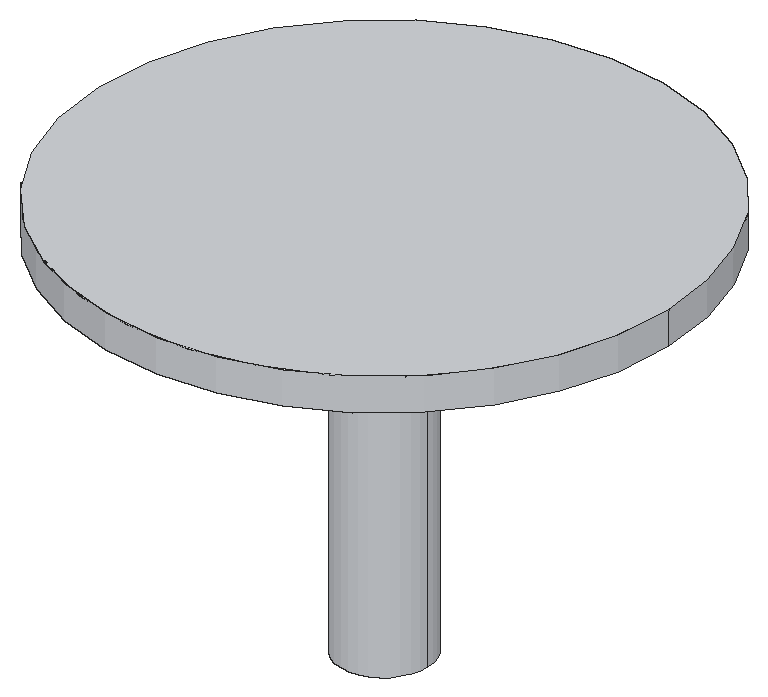
Revit family "c0168f52df9a4918b05c8a2c54d0b976", category Sprinklers, host Face, Revit 2021
Family settings
  Host = Face
  Maintain Annotation Orientation = Yes
  Round Connector Dimension = Use Radius
  Part Type = Normal
  OmniClass Number = 23.65.70.17.11.24
  OmniClass Title = Fire Fighting Sprinkler Heads
  Seek Item ID = Sprinkler - Pendent - Fully Recessed - Hosted-0000-USA-ENU
  Cut with Voids When Loaded = No
  Shared = No
  Room Calculation Point = No
Parameters (values of type "1/2" Pendent")
  Temperature Rating = 135 °F
  Symbol [instance] = Sprinkler - Symbol - Pendent : Sprinkler - Symbol - Pendent
  Response = Standard
  Pressure Drop [instance] = 7.00 psi
  Pressure Class = Standard
  Orifice Size = 1/2"
  Orifice = Standard
  K-Factor = 5.6
  Flow [instance] = 30 GPM
  Escutcheon Diameter = 3 1/4"
  Coverage = Standard
  Nominal Diameter = Nominal Radius * 2  # 1/2"
  Nominal Radius = 1/4"
  Escutcheon Radius = 0.5 * Escutcheon Diameter  # 1 5/8"
  Protrusion = 0"
  Overall Length = 2 3/8"
  Escutcheon Thickness = 3/16"
  Default Elevation = 8' - 0"
  CEL = 1/4"
  Assembly Code = ""
Types (8): name | Symbol | Pressure Drop | Orifice Size | K-Factor | Flow | Nominal Diameter | Nominal Radius | Overall Length | CEL
  1/2" Pendent | Sprinkler - Symbol - Pendent : Sprinkler - Symbol - Pendent | 7.00 psi | 1/2" | 5.6 | 30 GPM | 1/2" | 1/4" | 2 3/8" | 1/4"
  1/2" Pendent on Drop | Sprinkler - Symbol - Pendent on Drop : Sprinkler - Symbol - Pendent on Drop | 7.00 psi | 1/2" | 5.6 | 30 GPM | 1/2" | 1/4" | 2 3/8" | 1/4"
  1/2" Pendent on Drop with Guard | Sprinkler - Symbol - Pendent on Drop with Guard : Sprinkler - Symbol - Pendent on Drop with Guard | 7.00 psi | 1/2" | 5.6 | 30 GPM | 1/2" | 1/4" | 2 3/8" | 1/4"
  1/2" Pendent with Guard | Sprinkler - Symbol - Pendent with Guard : Sprinkler - Symbol - Pendent with Guard | 7.00 psi | 1/2" | 5.6 | 30 GPM | 1/2" | 1/4" | 2 3/8" | 1/4"
  3/4" Pendent | Sprinkler - Symbol - Pendent : Sprinkler - Symbol - Pendent | 14.00 psi | 17/32" | 8 | 43 GPM | 3/4" | 3/8" | 2 1/2" | 3/8"
  3/4" Pendent on Drop | Sprinkler - Symbol - Pendent on Drop : Sprinkler - Symbol - Pendent on Drop | 14.00 psi | 17/32" | 8 | 43 GPM | 3/4" | 3/8" | 2 1/2" | 3/8"
  3/4" Pendent on Drop with Guard | Sprinkler - Symbol - Pendent on Drop with Guard : Sprinkler - Symbol - Pendent on Drop with Guard | 14.00 psi | 17/32" | 8 | 43 GPM | 3/4" | 3/8" | 2 1/2" | 3/8"
  3/4" Pendent with Guard | Sprinkler - Symbol - Pendent with Guard : Sprinkler - Symbol - Pendent with Guard | 14.00 psi | 17/32" | 8 | 43 GPM | 3/4" | 3/8" | 2 1/2" | 3/8"
Reference planes (in)
  plane 1 "Center (Front/Back)": y = 0
  plane 2: z = 0
  plane 3 "Center (Left/Right)": x = 0
  plane 4: z = -2.375
  plane 5: z = 0.1875
  plane 6: z = 0
  plane 7: z = -2.125
Forms (in)
  Extrusion 1, solid
    sketch origin (0, 0, 0) x (1, 0, 0) y (0, 1, 0)
      loop
        circle (0, 0) r 0.25
    from -2.125 to 0
  Extrusion 2, solid
    sketch origin (0, 0, 0) x (1, 0, 0) y (0, 1, 0)
      loop
        circle (0, 0) r 1.625
    from 0 to 0.1875
Cuts and joins
  joined: Extrusion 1, Extrusion 2
Dimensions and locks (in)
  "Escutcheon Thickness": plane 5 to level
  "Protrusion": plane 6 to level
  "Overall Length": plane 6 to plane 4
  "CEL": plane 7 to plane 4
  "Nominal Radius": radius of Extrusion 1 sketch curve
  "Escutcheon Radius": radius of Extrusion 2 sketch curve
  aligned and locked: plane 2 to host face
  aligned and locked: level to host face
  aligned and locked: Extrusion 2 to level
  aligned and locked: plane 5 to Extrusion 2
  aligned and locked: plane 6 to Extrusion 1
  aligned and locked: Extrusion 1 to plane 7
Automatic sketch dimensions
  Extrusion 1 sketch curve to plane 1 "Center (Front/Back)" = 0' - 0"
  Extrusion 1 sketch curve to plane 3 "Center (Left/Right)" = 0' - 0"
  Extrusion 2 sketch curve to plane 1 "Center (Front/Back)" = 0' - 0"
  Extrusion 2 sketch curve to plane 3 "Center (Left/Right)" = 0' - 0"
  host sketch curve to host sketch curve = 8' - 0"  (x2)
Nested families (in)
  nested 1: "Sprinkler - Symbol - Pendent" at (0, 0, 0), type <- "Symbol", type "Sprinkler - Symbol - Pendent"
Connectors (in)
  piping at (0, 0, -2.125), diameter 0.5, driven by "Nominal Radius", driven by "Flow", driven by "Pressure Drop"
    settings: on cut or joined group of Extrusion 1, Extrusion 2, index 1, connector inside diameter 1/2", connector length 0' - 0", flow factor 0, pipe flow 30 GPM, pressure drop 7.00 psi, fitting loss kfactor 0, connector angle 0.00°, fixture units 0, engagement length 0' - 0", angle of deflection 0.00°, flow configuration 1, flow direction 1, fitting loss method 4, system type 23, joint type 0, gender type 0, connector reference index -1, connector utility 0, adjustable connector no, is connector primary yes, connector description "In"
Definition of nested family "Sprinkler - Symbol - Pendent"
  Parameters
    Symbol Radius = 0.5 * Symbol Diameter  # 0' - 0 1/16"
    Symbol Diameter = 0' - 0 1/8"
  Reference planes (in)
    plane 1: y = 0
    plane 2: x = 0
  Lines and regions (in)
    detail lines
      curve 1: circle (0, 0, 0) r 0.0625 normal (0, 0, 1)
  Dimensions and locks (in)
    "Symbol Radius": radius of curve 1
  Automatic sketch dimensions
    curve 1 to plane 1 = 0' - 0"
    curve 1 to plane 2 = 0' - 0"
